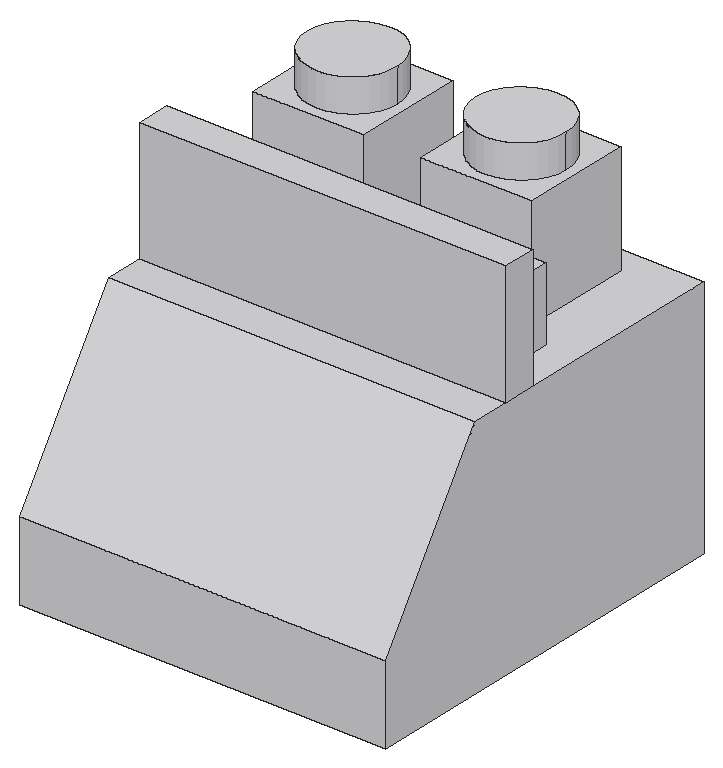
Revit family "レンジフードファン(ブース形同時給排気タイプ)_60Hz", category 機械設備, Revit 2019
Family settings
  丸型コネクタ寸法 = 直径を使用
  パーツ タイプ = 標準
  OmniClass 番号 = 23.75.10.34.21
  OmniClass タイトル = Heat Exchangers for Ventilation Air
  作業面ベース = いいえ
  常に垂直 = はい
  ロード時にボイドで切り取り = いいえ
  共有 = いいえ
  部屋計算ポイント = いいえ
Parameters (values of type "V-604KQH8")
  騒音レベル(dB(A)) = 49
  風量 = 585.0 m³/h
  電源種別 [instance] = ""
  電圧 = 100 V
  電動機出力 = 0 W
  電動機_種別 = ""
  集中コントローラ = ""
  運転質量 = 0.00 kg
  連動 [instance] = ""
  質量 = if(製品質量 > 運転質量, 製品質量, 運転質量) * 1.2  # 36.00 kg
  負荷分類 = 3_ファン類
  説明 = "レンジフードファン 深形 強制給排気タイプ"
  設計風量 = 0.0 m³/h
  設置方法 = "天吊"
  記号 [instance] = ""
  製造元 = "三菱電機株式会社"
  製品質量 = 30.00 kg
  製品出荷対象 = "国内"
  製品リリース年月 = "2022年6月1日"
  製品グループ = ""
  系統 [instance] = ""
  符号 = if(☑給気／□排気, "FS", "FE")  # "FE"
  積算_科目 = "2 換気設備"
  積算_拾い区分 [instance] = ""
  相 = 1
  盤記号 [instance] = ""
  発停方法 [instance] = ""
  特殊仕様 [instance] = ""
  火災停止 [instance] = ""
  消費電力 = 198 W
  法定耐用年数 = "15"
  機外静圧_排気 = 210.0 Pa
  機外静圧 = 0.0 Pa
  極数 = 2
  材質 [instance] = ""
  操作・制御方式 = ""
  操作・制御スイッチ = ""
  排気量 = 0.0 m³/h
  形式 = "片吸込形"
  幹線記号 [instance] = ""
  対象室 [instance] = ""
  実風量 = 0.0 m³/h
  始動方式 [instance] = "直入"
  天吊用穴_径 = 25 mm
  天吊用穴_ピッチ2 = 221 mm
  天吊用穴_ピッチ1 = 238 mm
  天吊用穴_Height = 120 mm
  天吊用穴_D = 280 mm
  外気量 = 0.0 m³/h
  呼称 = "遠心送風機"
  周波数 = 60 Hz
  参照している仕様書等のバージョン = ""
  分類コード = "50052503100060"
  分類グループ = ""
  価格 = 208700
  企業コード = "108420"
  付属品_フィルター_還気 = ""
  付属品_フィルター = ""
  付属品 [instance] = ""
  仕様書バージョン = "Version1.0"
  モデル = "V-604KQH8"
  マテリアル = 鋼板(シルバー)
  ファンの種類 = ""
  ダクト径 = 150 mm
  コメント [instance] = ""
  Keynote = ""
  Assembly Code = ""
  ☑給気／□排気 = no
  Width = 600 mm
  W1 = Width / 2  # 300 mm
  Version = ""
  Uniclass2015Version = "Systems v1.9"
  Uniclass2015Title = "Centrifugal fans"
  Uniclass2015Code = "Pr_65_67_29_12"
  URL = "https://www.mitsubishielectric.co.jp/ldg/wink/ssl/displayProduct.do?pid=320918"
  SpecificationReference = ""
  SpecificationDescription = ""
  H2 = 600 mm
  Duct_Shutter_Height = 182 mm
  Duct_Shutter_Depth = 182 mm
  SAダクト接続口_後部 = not(SAダクト接続口_上部)  # no
  SAサイズ_D = 148 mm
  Revision = ""
  ProductInformation = ""
  OmniClassCode = "23-33 31 19 13 15"
  EAダクト接続口_後部 = not(EAダクト接続口_上部)  # no
  MIN風量 = 190.0 m³/h
  MIN静圧 = 0.0 Pa
  MID風量 = 320.0 m³/h
  MID静圧 = 0.0 Pa
  MAX風量 = 585.0 m³/h
  MAX静圧 = 0.0 Pa
  IfcTypeProduct = ""
  IfcProduct = ""
  IfcExportType = "CENTRIFUGALFORWARDCURVED"
  IfcExportAs = "IfcFanType"
  Height = 400 mm
  H1 = 129 mm
  SAダクト接続口_上部 = yes
  EAダクト接続口_上部 = yes
  EAサイズ_D = 148 mm
  Duct_Shutter_Width = 182 mm
  Duct_SA_W = 109 mm
  Duct_Height = 55 mm
  Duct_EA_W = 167 mm
  Duct_D = 135 mm
  Duct_H = 91 mm
  Depth = 650 mm
  D3 = 55 mm
  D2 = 405 mm
  D1 = 469 mm
  Clearance Top = 0 mm
  Clearance Right = 0 mm
  Clearance Left = 0 mm
  Clearance Front = 0 mm
  Clearance Bottom = 0 mm
  Clearance Back = 0 mm
  Author = "三菱電機株式会社"
Types (2, lengths in mm): name | 騒音レベル(dB(A)) | 風量 | 質量 | 製品質量 | 消費電力 | 価格 | モデル | URL | MIN風量 | MID風量 | MAX風量
  V-604KQH8 | 49 | 585.0 m³/h | 36.00 kg | 30.00 kg | 198 W | 208700 | "V-604KQH8" | "https://www.mitsubishielectric.co.jp/ldg/wink/ssl/displayProduct.do?pid=320918" | 190.0 m³/h | 320.0 m³/h | 585.0 m³/h
  V-604KCQ8 | 48.5 | 630.0 m³/h | 31.20 kg | 26.00 kg | 195 W | 178900 | "V-604KCQ8" | "https://www.mitsubishielectric.co.jp/ldg/wink/ssl/displayProduct.do?pid=320911" | 245.0 m³/h | 345.0 m³/h | 630.0 m³/h
Reference planes
  plane 1 "中心(正面/背面)": y = 0
  plane 2: z = 0
  plane 3 "中心(左/右)": x = 0
  plane 4: x = -300
  plane 5: x = 300
  plane 6: y = -650
  plane 7: z = -400
  plane 8: z = -271
  plane 9: z = 182
  plane 10: y = -325
  plane 11: y = -469
  plane 12: y = -135
  plane 13: z = 200
  plane 14: y = -350
  plane 15: y = -405
  plane 16: x = 109
  plane 17: x = -167
  plane 18: x = 18
  plane 19: x = 200
  plane 20: x = -258
  plane 21: x = -76
  plane 22: y = -44
  plane 23: y = -226
  plane 24: z = 237
  plane 25: z = 91
  plane 26: y = 11
  plane 27: x = -238
  plane 28: x = 221
  plane 29: y = -280
  plane 30: z = 120
  plane 31: z = 117
  plane 32: x = -150
  plane 33: x = 150
Forms (mm)
  Extrusion 1, solid, material "鋼板(シルバー)" <- "マテリアル", detail levels fine
    sketch origin (0, 0, 0) x (1, 0, 0) y (0, 1, 0)
      loop
        line (-300, 0) -> (-300, -469) -> (300, -469) -> (300, 0) -> (-300, 0)
    from -400 to 0
  Blend 2, solid, material "鋼板(シルバー)" <- "マテリアル", detail levels fine
    base sketch origin (0, 0, 0) x (1, 0, 0) y (0, 0, 1)
      loop
        line (-300, -400) -> (300, -400) -> (300, 0) -> (-300, 0) -> (-300, -400)
    top sketch origin (0, 0, 0) x (1, 0, 0) y (0, 0, 1)
      loop
        line (-300, -400) -> (300, -400) -> (300, -271) -> (-300, -271) -> (-300, -400)
    from 469 to 650
  Extrusion 3, solid, material "鋼板(シルバー)" <- "マテリアル", visible <- "EAダクト接続口_上部", detail levels fine
    sketch origin (0, 0, 0) x (1, 0, 0) y (0, 1, 0)
      loop
        circle (-167, -135) r 74
    from 182 to 237
  Extrusion 4, solid, material "鋼板(シルバー)" <- "マテリアル", detail levels fine
    sketch origin (0, 0, 0) x (1, 0, 0) y (0, 1, 0)
      loop
        line (-300, -350) -> (-300, -405) -> (300, -405) -> (300, -350) -> (-300, -350)
    from 0 to 200
  Extrusion 5, solid, material "鋼板(シルバー)" <- "マテリアル", visible <- "SAダクト接続口_上部", detail levels fine
    sketch origin (0, 0, 0) x (1, 0, 0) y (0, 1, 0)
      loop
        circle (109, -135) r 74
    from 182 to 237
  Extrusion 6, solid, material "鋼板(シルバー)" <- "マテリアル", detail levels fine
    sketch origin (0, 0, 0) x (1, 0, 0) y (0, 1, 0)
      loop
        line (-258, -44) -> (-258, -226) -> (-76, -226) -> (-76, -44) -> (-258, -44)
      loop
        line (18, -44) -> (18, -226) -> (200, -226) -> (200, -44) -> (18, -44)
    from 0 to 182
  Extrusion 7, solid, material "鋼板(シルバー)" <- "マテリアル", visible <- "EAダクト接続口_後部", detail levels fine
    sketch origin (0, 0, 0) x (1, 0, 0) y (0, 0, 1)
      loop
        circle (-167, 91) r 74
    from -11 to 44
  Extrusion 8, solid, material "鋼板(シルバー)" <- "マテリアル", visible <- "SAダクト接続口_後部", detail levels fine
    sketch origin (0, 0, 0) x (1, 0, 0) y (0, 0, 1)
      loop
        circle (109, 91) r 74
    from -11 to 44
  Extrusion 9, solid, material "鋼板(シルバー)" <- "マテリアル"
    sketch origin (0, 0, 0) x (1, 0, 0) y (0, 1, 0)
      loop
        circle (-238, -280) r 12.5
      loop
        circle (221, -280) r 12.5
      loop
        line (-213, -305) -> (-213, -255) -> (-263, -255) -> (-263, -305) -> (-213, -305)
      loop
        line (246, -305) -> (246, -255) -> (196, -255) -> (196, -305) -> (246, -305)
    from 117 to 120
  Extrusion 10, solid, material "鋼板(シルバー)" <- "マテリアル"
    sketch origin (0, 0, 0) x (1, 0, 0) y (0, 1, 0)
      loop
        line (-263, -255) -> (-263, -305) -> (-260, -305) -> (-260, -255) -> (-263, -255)
      loop
        line (246, -255) -> (243, -255) -> (243, -305) -> (246, -305) -> (246, -255)
    from 0 to 117
Cuts and joins
  joined: Extrusion 1, Blend 2
  joined: Extrusion 9, Extrusion 10
Lines and regions (mm)
  Masking region 1, detail levels coarse+medium
    outline origin (1326.5, 29, 0) x (1, 0, 0) y (0, 1, 0)
      loop
        line (-1626.5, -29) -> (-1626.5, -679) -> (-1026.5, -679) -> (-1026.5, -29) -> (-1626.5, -29)
  symbolic lines, detail levels coarse+medium
    curve 1: circle (-150, -325, 0) r 150 normal (0, 0, 1)
    curve 2: circle (150, -325, 0) r 150 normal (0, 0, 1)
Dimensions and locks
  equal spacing: plane 4, plane 3 "中心(左/右)", plane 5
  "Width": plane 4 to plane 5
  equal spacing: plane 6, plane 10, plane 1 "中心(正面/背面)"
  "Depth": plane 1 "中心(正面/背面)" to plane 6
  "D1": plane 1 "中心(正面/背面)" to plane 11
  "Duct_D": plane 1 "中心(正面/背面)" to plane 12
  "Height": level to plane 7
  "Duct_Shutter_Height": plane 9 to level
  "H1": plane 8 to plane 7
  "H2": plane 13 to plane 7
  "D3": plane 14 to plane 15
  "D2": plane 1 "中心(正面/背面)" to plane 15
  "Duct_SA_W": plane 3 "中心(左/右)" to plane 16
  "Duct_EA_W": plane 17 to plane 3 "中心(左/右)"
  "Duct_Shutter_Width": plane 18 to plane 19
  "Duct_Shutter_Width": plane 20 to plane 21
  "Duct_Shutter_Depth": plane 22 to plane 23
  "Duct_Height": plane 24 to plane 9
  "Duct_H": plane 25 to level
  "Duct_Height": plane 26 to plane 22
  "天吊用穴_ピッチ1": plane 27 to plane 3 "中心(左/右)"
  "天吊用穴_ピッチ2": plane 3 "中心(左/右)" to plane 28
  "天吊用穴_D": plane 1 "中心(正面/背面)" to plane 29
  equal spacing: Extrusion 9 sketch curve, plane 27, Extrusion 9 sketch curve
  Extrusion 9 sketch curve to Extrusion 9 sketch curve = 50 mm  (x4)
  equal spacing: Extrusion 9 sketch curve, plane 29, Extrusion 9 sketch curve  (x2)
  equal spacing: Extrusion 9 sketch curve, plane 28, Extrusion 9 sketch curve
  Extrusion 10 sketch curve to Extrusion 9 = 3 mm
  Extrusion 9 to Extrusion 10 sketch curve = 3 mm
  "天吊用穴_Height": plane 30 to level
  locked: plane 30 to plane 31 at 3
  equal spacing: plane 4, plane 32, plane 3 "中心(左/右)"
  equal spacing: plane 3 "中心(左/右)", plane 33, plane 5
  equal spacing: plane 20, plane 17, plane 21
  equal spacing: plane 18, plane 16, plane 19
  equal spacing: plane 22, plane 12, plane 23
  "EAサイズ_D": diameter of Extrusion 3 sketch curve
  "SAサイズ_D": diameter of Extrusion 5 sketch curve
  "EAサイズ_D": diameter of Extrusion 7 sketch curve
  "SAサイズ_D": diameter of Extrusion 8 sketch curve
  "天吊用穴_径": diameter of Extrusion 9 sketch curve  (x2)
  "W1": diameter of curve 1
  "W1": diameter of curve 2
  aligned and locked: level to plane 2
  aligned and locked: Masking region 1 to plane 4
  aligned and locked: plane 5 to Masking region 1
  aligned and locked: Masking region 1 to plane 6
  aligned and locked: Masking region 1 to plane 1 "中心(正面/背面)"
  aligned and locked: plane 1 "中心(正面/背面)" to Extrusion 1 sketch curve
  aligned and locked: plane 4 to Extrusion 1 sketch curve
  aligned and locked: plane 11 to Extrusion 1 sketch curve
  aligned and locked: Extrusion 1 sketch curve to plane 5
  aligned and locked: Blend 2 sketch curve to plane 7  (x2)
  aligned and locked: level to Blend 2 sketch curve
  aligned and locked: Blend 2 sketch curve to plane 5
  aligned and locked: Blend 2 sketch curve to plane 4
  aligned and locked: var sketch to Blend 2 sketch curve
  aligned and locked: Extrusion 1 to plane 7
  aligned and locked: level to Extrusion 1
  aligned and locked: Blend 2 to plane 6
  aligned and locked: plane 11 to Blend 2
  aligned and locked: plane 8 to Blend 2 sketch curve
  aligned and locked: Extrusion 4 sketch curve to plane 14
  aligned and locked: plane 4 to Extrusion 4 sketch curve
  aligned and locked: plane 15 to Extrusion 4 sketch curve
  aligned and locked: Extrusion 4 sketch curve to plane 5
  aligned and locked: plane 13 to Extrusion 4
  aligned and locked: Extrusion 4 to level
  aligned and locked: Extrusion 6 sketch curve to plane 22  (x2)
  aligned and locked: plane 20 to Extrusion 6 sketch curve
  aligned and locked: plane 23 to Extrusion 6 sketch curve  (x2)
  aligned and locked: Extrusion 6 sketch curve to plane 21
  aligned and locked: plane 18 to Extrusion 6 sketch curve
  aligned and locked: Extrusion 6 sketch curve to plane 19
  aligned and locked: plane 24 to Extrusion 3
  aligned and locked: Extrusion 3 to plane 9
  aligned and locked: plane 9 to Extrusion 6
  aligned and locked: Extrusion 6 to level
  aligned and locked: Extrusion 5 to plane 9
  aligned and locked: plane 24 to Extrusion 5
  aligned and locked: plane 26 to Extrusion 7
  aligned and locked: Extrusion 7 to plane 22
  aligned and locked: plane 26 to Extrusion 8
  aligned and locked: Extrusion 8 to plane 22
  aligned and locked: nested 1 to plane 29
  aligned and locked: plane 27 to nested 1
  aligned and locked: plane 28 to nested 1
  aligned and locked: Extrusion 10 sketch curve to Extrusion 9  (x5)
  aligned and locked: Extrusion 9 to Extrusion 10 sketch curve
  aligned and locked: plane 30 to Extrusion 9
  aligned and locked: Extrusion 9 to plane 31
  aligned and locked: plane 31 to Extrusion 10
  aligned and locked: Extrusion 10 to level
Automatic sketch dimensions
  Extrusion 3 sketch curve to plane 12 = 0 mm
  Extrusion 3 sketch curve to plane 17 = 0 mm
  Extrusion 7 sketch curve to plane 17 = 0 mm
  Extrusion 7 sketch curve to plane 25 = 0 mm
  Extrusion 5 sketch curve to plane 12 = 0 mm
  Extrusion 5 sketch curve to plane 16 = 0 mm
  Extrusion 8 sketch curve to plane 16 = 0 mm
  Extrusion 8 sketch curve to plane 25 = 0 mm
  Masking region 1 sketch curve to plane 4 = 0 mm
  Masking region 1 sketch curve to plane 5 = 0 mm
  Masking region 1 sketch curve to plane 6 = 0 mm
  plane 1 "中心(正面/背面)" to Masking region 1 sketch curve = 0 mm
  Blend 2 sketch curve to plane 4 = 0 mm
  curve 1 to plane 10 = 0 mm
  curve 1 to plane 32 = 0 mm
  curve 2 to plane 10 = 0 mm
  curve 2 to plane 33 = 0 mm
  Extrusion 9 sketch curve to plane 27 = 0 mm
  Extrusion 9 sketch curve to plane 28 = 0 mm
  Extrusion 9 sketch curve to plane 29 = 0 mm  (x2)
Nested families
  nested 1: "固定点" at (-238, -280, 120), built-in parameter 1001364 <- "天吊用穴_Height", type "固定点"
    with W 459 mm, D 1000 mm
Connectors
  hvac at (-167, -135, 237), driven by "ダクト径", driven by "機外静圧", driven by "風量"
    settings: on Extrusion 3, index 1, duct flow 585.0 m³/h, flow factor 0, pres drop 0.0 Pa, loss coef 0, conn angle 0.00°, conn width 304.8 mm, conn height 304.8 mm, conn diameter 150 mm, duct sys type 3, conn prof type 0, flow config 0, flow direction 2, loss method 4, conn ref index -1, conn util no, is conn primary yes, conn desc ""
  electrical at (0, -234.5, 0), driven by "極数", driven by "負荷分類", driven by "電圧", driven by "消費電力"
    settings: on cut or joined group of Extrusion 1, Blend 2, index 2, voltage 100 V, apparent load 198 VA, apparent load phase1 0 VA, apparent load phase2 0 VA, apparent load phase3 0 VA, power factor 1, load classification "3_ファン類", number of poles 2, system type 30, power factor state 1, is connector primary yes, connector utility no, sub classification motor no, connector description ""
  hvac at (109, -135, 237), driven by "ダクト径", driven by "機外静圧", driven by "風量"
    settings: on Extrusion 5, index 3, duct flow 585.0 m³/h, flow factor 0, pres drop 0.0 Pa, loss coef 0, conn angle 0.00°, conn width 304.8 mm, conn height 304.8 mm, conn diameter 150 mm, duct sys type 1, conn prof type 0, flow config 0, flow direction 1, loss method 4, conn ref index -1, conn util no, is conn primary no, conn desc ""
  hvac at (109, 11, 91), driven by "機外静圧", driven by "風量", driven by "ダクト径"
    settings: on Extrusion 8, index 4, duct flow 585.0 m³/h, flow factor 0, pres drop 0.0 Pa, loss coef 0, conn angle 0.00°, conn width 304.8 mm, conn height 304.8 mm, conn diameter 150 mm, duct sys type 1, conn prof type 0, flow config 0, flow direction 1, loss method 4, conn ref index -1, conn util no, is conn primary no, conn desc ""
  hvac at (-167, 11, 91), driven by "機外静圧", driven by "風量", driven by "ダクト径"
    settings: on Extrusion 7, index 5, duct flow 585.0 m³/h, flow factor 0, pres drop 0.0 Pa, loss coef 0, conn angle 0.00°, conn width 304.8 mm, conn height 304.8 mm, conn diameter 150 mm, duct sys type 3, conn prof type 0, flow config 0, flow direction 2, loss method 4, conn ref index -1, conn util no, is conn primary no, conn desc ""
Definition of nested family "固定点"
  Parameters (values of type "固定点")
    中心円 = 20 mm
    W [instance] = 1000 mm
    D [instance] = 1000 mm
  Reference planes
    plane 1 "中心(正面/背面)": y = 0
    plane 2: z = 0
    plane 3 "中心(左/右)": x = 0
    plane 4: x = 1000
  Lines and regions (mm)
    symbolic lines, detail levels fine
      curve 1: circle (0, 0, 0) r 10 normal (0, 0, 1)
      curve 2: circle (1000, 0, 0) r 10 normal (0, 0, 1)
      curve 3: line (-200, 0, 0) -> (1200, 0, 0)
      curve 4: line (0, 200, 0) -> (0, -200, 0)
      curve 5: line (1000, 200, 0) -> (1000, -200, 0)
  Dimensions and locks
    "W": plane 3 "中心(左/右)" to plane 4
    "中心円": diameter of curve 1
    "中心円": diameter of curve 2
    aligned and locked: level to plane 2
    aligned and locked: plane 3 "中心(左/右)" to curve 1
    aligned and locked: plane 1 "中心(正面/背面)" to curve 1
    aligned and locked: plane 1 "中心(正面/背面)" to curve 2
    aligned and locked: plane 4 to curve 2
    aligned and locked: plane 1 "中心(正面/背面)" to curve 3
    aligned and locked: curve 4 to plane 3 "中心(左/右)"
    aligned and locked: curve 5 to plane 4
  Automatic sketch dimensions
    curve 3 to plane 3 "中心(左/右)" = 200 mm
    curve 2 to curve 3 = 200 mm
    plane 1 "中心(正面/背面)" to curve 4 = 200 mm
    plane 1 "中心(正面/背面)" to curve 5 = 200 mm
    curve 5 to plane 1 "中心(正面/背面)" = 200 mm
    curve 4 to plane 1 "中心(正面/背面)" = 200 mm
